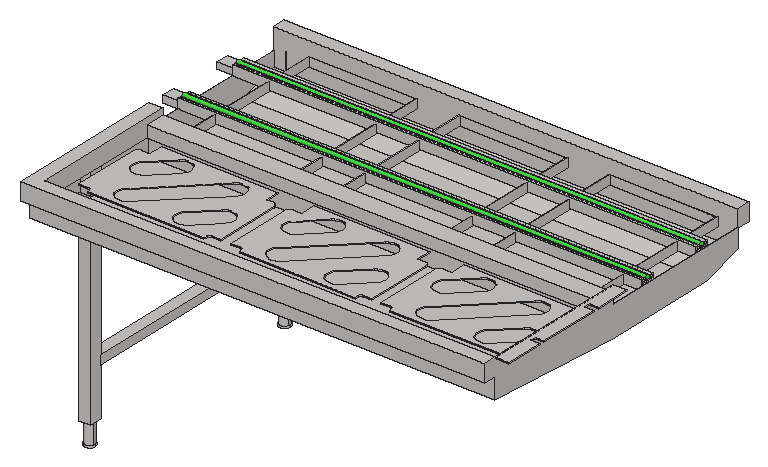
Revit family "QF_ELECTROLUXPROFESSIONAL_865476_HSASPT3RL", category Specialty Equipment, Revit 2018
Family settings
  Round Connector Dimension = Use Diameter
  Part Type = Normal
  Work Plane-Based = No
  Always vertical = Yes
  Cut with Voids When Loaded = No
  Shared = No
  Room Calculation Point = No
Parameters (values of type "Standard")
  Weight = 55.00 kg
  Watts = 0 W
  Volts = 0 V
  URL Manufacturer = "http://professional.electrolux.com"
  URL = "http://professional.electrolux.com"
  Steam Supply Size = 0 mm
  Steam Supply Minimum Pressure = 0.0 Pa
  Steam Supply Maximum Pressure = 0.0 Pa
  Steam Pounds per Hour = 0
  Refrigeration Suction Line Size = 0 mm
  Refrigeration Liquid Line Size = 0 mm
  Refrigerant Compressor Remote = yes
  Manufacturer = "Electrolux Professional"
  Phase = 0
  Model = "HSASPT3RL"
  Length Actual = 1620 mm  # constant formula
  Item Number = "865476"
  Hot Water Size = 0 mm
  Height Actual = 910 mm  # constant formula
  HP = "0 HP"
  Gas Size = 0 mm
  Gas KW = 0
  Gas Input Pressure = 0 W
  Description = "AUTOMATIC SORTING TABLE, PASS-THROUGH 3 BASKETS, RIGHT>LEFT, 1620 MM "
  Depth Actual = 1110 mm  # constant formula
  Cycle = 0 Hz
  Condensate Return Size = 0 mm
  Compressed Air Volume = 0.0 L/s
  Compressed Air Size = 0 mm
  Compressed Air Pressure = 0.0 Pa
  Cold Water Size = 0 mm
  Accessory = yes
Reference planes
  plane 1: z = 0
  plane 2: z = 910
  plane 3: z = 0
  plane 4: z = 270
  plane 5 "RIGHT": x = -1318
  plane 6 "BACK": y = 310
  plane 7 "FRONT": y = -810
  plane 8 "LEFT": x = 258.3
  plane 9 "Center": y = 0
  plane 10: x = -508
  plane 11: y = 0
  plane 12: y = 94.393
  plane 13: y = 134.393
  plane 14: x = -1411.833
  plane 15: x = 305
  plane 16: x = -1271.7
Forms (mm)
  Extrusion 1, solid, material "QF_Finishes_Stainless Steel"
    sketch origin (-1059.7, 0, 0) x (1, 0, 0) y (0, 1, 0)
      loop
        line (1318, -810) -> (1318, -765) -> (-212, -765) -> (-212, -265) -> (-258.3, -265) -> (-258.3, -810) -> (1318, -810)
      loop
        line (1318, 265) -> (1318, 310) -> (-258.3, 310) -> (-258.3, 265) -> (1318, 265)
    from 850.091 to 910
  Extrusion 2, solid, material "QF_Finishes_Stainless Steel"
    sketch origin (-1059.7, 0, 0) x (0, 1, 0) y (0, 0, 1)
      loop
        line (-267.466, 747.061) -> (134.393, 747.061) -> (266.249, 785.091) -> (266.249, 850.091) -> (265, 850.091) -> (265, 787.853) -> (133.969, 750.061) -> (-265, 750.061) -> (-265, 850.091) -> (-267.466, 850.091) -> (-267.466, 747.061)
    from -257.022 to 1318
  Revolve 3, solid, material "QF_Finishes_Stainless Steel"
    sketch origin (-508, 0.526, -114.277) x (1, 0, 0) y (0, 0, 1)
      loop
        line (76.494, 861.337) -> (0, 861.337) -> (0, 697.377) -> (21.946, 697.377) -> (23.47, 698.838) -> (23.47, 734.749) -> (37.25, 740.749) -> (37.25, 742.336) -> (38.457, 743.987) -> (38.457, 746.476)
        arc (38.457, 746.476) -> (65.844, 763.962) -> (76.494, 794.661) r 49.516
        line (76.494, 794.661) -> (76.494, 834.985)
        arc (76.494, 834.985) -> (75.887, 836.598) -> (74.377, 837.43) r 2.49
        arc (74.377, 837.43) -> (71.083, 841.301) -> (74.39, 845.16) r 3.913
        arc (74.39, 845.16) -> (75.89, 845.987) -> (76.494, 847.59) r 2.474
        line (76.494, 847.59) -> (76.494, 861.337)
      axis (0, 861.337) -> (0, 697.377)
    angle from 0 to 360
  Extrusion 4, solid, material "QF_Finishes_Stainless Steel"
    sketch origin (-1059.7, 0, 0) x (1, 0, 0) y (0, 1, 0)
      loop
        line (-212, -330.124) -> (1316, -330.124) -> (1316, -265) -> (-212, -265) -> (-212, -330.124)
    from 850.091 to 888.506
  Extrusion 5, solid, material "QF_Finishes_Stainless Steel"
    sketch origin (-1318, 0, 0) x (0, 1, 0) y (0, 0, -1)
      loop
        line (134.393, -747.061) -> (-267.466, -747.061) -> (-267.466, -836.936) -> (265, -836.936) -> (265, -850.091) -> (266.249, -850.091) -> (266.249, -785.091) -> (134.393, -747.061)
    from 0 to -2
  Extrusion 6, solid, material "QF_Finishes_Stainless Steel"
    sketch origin (6.278, 0.054, -628.981) x (-1, 0, 0) y (0, -1, 0)
      loop
        line (1283, -266.195) -> (1323, -266.195) -> (1323, 521.792) -> (1283, 521.792) -> (1283, -266.195)
    from 869.081 to 898.981
  Extrusion 7, solid, material "QF_Finishes_Stainless Steel"
    sketch origin (258.3, 0, 0) x (0, 1, 0) y (0, 0, 1)
      loop
        line (134.393, 747.061) -> (266.249, 785.091) -> (266.249, 850.091) -> (265, 850.091) -> (-265, 850.091) -> (-265, 747.061) -> (134.393, 747.061)
    from 0 to -2
  Extrusion 8, solid, material "QF_Finishes_Stainless Steel"
    sketch origin (-1318, 0, 0) x (0, 1, 0) y (0, 0, -1)
      loop
        line (94.393, -836.936) -> (92.393, -836.936) -> (92.393, -858.936) -> (136.393, -858.936) -> (136.393, -836.936) -> (134.393, -836.936) -> (134.393, -856.936) -> (94.393, -856.936) -> (94.393, -836.936)
    from -1574.3 to 53.111
  Extrusion 9, solid, material "QF_Finishes_Stainless Steel"
    sketch origin (-1318, 0, 0) x (0, 1, 0) y (0, 0, -1)
      loop
        line (92.393, -836.936) -> (90.393, -836.936) -> (90.393, -868.936) -> (103.221, -868.936) -> (111.221, -860.936) -> (117.565, -860.936) -> (125.565, -868.936) -> (138.393, -868.936) -> (138.393, -836.936) -> (136.393, -836.936) -> (136.393, -866.936) -> (126.393, -866.936) -> (118.393, -858.936) -> (110.393, -858.936) -> (102.393, -866.936) -> (92.393, -866.936) -> (92.393, -836.936)
    from -1574.3 to 0
  Extrusion 10, solid, material "QF_Finishes_Stainless Steel"
    sketch origin (-1318, -230, 0) x (0, 1, 0) y (0, 0, -1)
      loop
        line (94.393, -836.936) -> (92.393, -836.936) -> (92.393, -858.936) -> (136.393, -858.936) -> (136.393, -836.936) -> (134.393, -836.936) -> (134.393, -856.936) -> (94.393, -856.936) -> (94.393, -836.936)
    from -1574.3 to 53.111
  Extrusion 11, solid, material "QF_Finishes_Stainless Steel"
    sketch origin (-1318, -230, 0) x (0, 1, 0) y (0, 0, -1)
      loop
        line (92.393, -836.936) -> (90.393, -836.936) -> (90.393, -868.936) -> (103.221, -868.936) -> (111.221, -860.936) -> (117.565, -860.936) -> (125.565, -868.936) -> (138.393, -868.936) -> (138.393, -836.936) -> (136.393, -836.936) -> (136.393, -866.936) -> (126.393, -866.936) -> (118.393, -858.936) -> (110.393, -858.936) -> (102.393, -866.936) -> (92.393, -866.936) -> (92.393, -836.936)
    from -1574.3 to 0
  Sweep 12, solid, material "QF_Finishes_Green"
    path origin (-1360.722, -109.42, 875.352) x (0, 0.0016, 0.999999) y (-1, 0, 0)
      loop
        line (-6.295, -42.722) -> (-6.295, -1617.022)
    profile origin (-530.85, -109.431, 869.057) x (0, 0.0016, 0.999999) y (0, -0.999999, 0.0016)
      loop
        circle (-1.513, 6.483) r 6.399
  Sweep 13, solid, material "QF_Finishes_Green"
    path origin (-1360.722, 120.58, 875.352) x (0, 0.0016, 0.999999) y (-1, 0, 0)
      loop
        line (-6.295, -42.722) -> (-6.295, -1617.022)
    profile origin (-530.85, 120.569, 869.057) x (0, 0.0016, 0.999999) y (0, -0.999999, 0.0016)
      loop
        circle (-1.513, 6.483) r 6.399
  Extrusion 14, solid, material "QF_Finishes_Stainless Steel"
    sketch origin (-1014.7, 0, 0) x (-1, 0, 0) y (0, -1, 0)
      loop
        line (-662.58, 265) -> (-694.789, 265) -> (-694.789, -265) -> (-327.015, -265) -> (-327.015, 265) -> (-359.388, 265) -> (-359.388, 262) -> (-330.015, 262) -> (-330.015, -262) -> (-691.789, -262) -> (-691.789, 262) -> (-662.58, 262) -> (-662.58, 265)
    from 831.234 to 860.936
  Extrusion 15, solid, material "QF_Finishes_Stainless Steel"
    sketch origin (-1524.7, 0, 0) x (-1, 0, 0) y (0, -1, 0)
      loop
        line (-662.58, 265) -> (-694.789, 265) -> (-694.789, -265) -> (-327.015, -265) -> (-327.015, 265) -> (-359.388, 265) -> (-359.388, 262) -> (-330.015, 262) -> (-330.015, -262) -> (-691.789, -262) -> (-691.789, 262) -> (-662.58, 262) -> (-662.58, 265)
    from 831.234 to 860.936
  Extrusion 16, solid, material "QF_Finishes_Stainless Steel"
    sketch origin (-1318, 0, 0) x (0, 1, 0) y (0, 0, -1)
      loop
        line (-767.81, -850.091) -> (-765, -850.091) -> (-765, -784.859) -> (-270.466, -750.278) -> (-270.466, -850.091) -> (-267.466, -850.091) -> (-267.466, -747.061) -> (-767.81, -782.048) -> (-767.81, -850.091)
    from -1576.3 to -2
  Extrusion 17, solid, material "QF_Finishes_Stainless Steel"
    sketch origin (300.322, 0, 0) x (0, 1, 0) y (0, 0, 1)
      loop
        line (-767.81, 907) -> (-767.81, 782.048) -> (-265, 746.888) -> (-265, 907) -> (-767.81, 907)
    from -42.022 to -44.022
  Extrusion 18, solid, material "QF_Finishes_Stainless Steel"
    sketch origin (-1014.075, 0, 842.5) x (-1, 0, 0) y (0, -1, 0)
      loop
        line (-1220.383, 339.221) -> (-825.383, 339.221) -> (-825.383, 389.221) -> (-795.383, 389.221)
        arc (-795.383, 389.221) -> (-784.776, 393.614) -> (-780.383, 404.221) r 15
        line (-780.383, 404.221) -> (-780.383, 634.221) -> (-810.383, 634.221)
        arc (-810.383, 634.221) -> (-820.989, 638.614) -> (-825.383, 649.221) r 15
        line (-825.383, 649.221) -> (-825.383, 654.221) -> (-1220.383, 654.221) -> (-1220.383, 644.221)
        arc (-1220.383, 644.221) -> (-1223.312, 637.149) -> (-1230.383, 634.221) r 10
        line (-1230.383, 634.221) -> (-1260.383, 634.221) -> (-1260.383, 409.221)
        arc (-1260.383, 409.221) -> (-1254.525, 395.078) -> (-1240.383, 389.221) r 20
        line (-1240.383, 389.221) -> (-1220.383, 389.221) -> (-1220.383, 339.221)
      loop
        arc (-1214.7, 558.44) -> (-1214.7, 505.407) -> (-1161.667, 505.407) r 37.5
        line (-1161.667, 505.407) -> (-1085.887, 581.188)
        arc (-1085.887, 581.188) -> (-1092.336, 627.771) -> (-1138.92, 634.221) r 38.966
        line (-1138.92, 634.221) -> (-1214.7, 558.44)
      loop
        arc (-1146.92, 425.368) -> (-1146.92, 372.335) -> (-1093.887, 372.335) r 37.5
        line (-1093.887, 372.335) -> (-883.322, 582.9)
        arc (-883.322, 582.9) -> (-895.135, 629.379) -> (-943.092, 629.196) r 38.966
        line (-943.092, 629.196) -> (-1146.92, 425.368)
      loop
        arc (-956.718, 418.538) -> (-956.718, 365.505) -> (-903.685, 365.505) r 37.5
        line (-903.685, 365.505) -> (-827.905, 441.286)
        arc (-827.905, 441.286) -> (-834.354, 487.869) -> (-880.938, 494.319) r 38.966
        line (-880.938, 494.319) -> (-956.718, 418.538)
    from 0 to 3
  Extrusion 19, solid, material "QF_Finishes_Stainless Steel"
    sketch origin (-1524.075, 0, 842.5) x (-1, 0, 0) y (0, -1, 0)
      loop
        line (-1220.383, 339.221) -> (-825.383, 339.221) -> (-825.383, 389.221) -> (-795.383, 389.221)
        arc (-795.383, 389.221) -> (-784.776, 393.614) -> (-780.383, 404.221) r 15
        line (-780.383, 404.221) -> (-780.383, 634.221) -> (-810.383, 634.221)
        arc (-810.383, 634.221) -> (-820.989, 638.614) -> (-825.383, 649.221) r 15
        line (-825.383, 649.221) -> (-825.383, 654.221) -> (-1220.383, 654.221) -> (-1220.383, 644.221)
        arc (-1220.383, 644.221) -> (-1223.312, 637.149) -> (-1230.383, 634.221) r 10
        line (-1230.383, 634.221) -> (-1260.383, 634.221) -> (-1260.383, 409.221)
        arc (-1260.383, 409.221) -> (-1254.525, 395.078) -> (-1240.383, 389.221) r 20
        line (-1240.383, 389.221) -> (-1220.383, 389.221) -> (-1220.383, 339.221)
      loop
        arc (-1214.7, 558.44) -> (-1214.7, 505.407) -> (-1161.667, 505.407) r 37.5
        line (-1161.667, 505.407) -> (-1085.887, 581.188)
        arc (-1085.887, 581.188) -> (-1092.336, 627.771) -> (-1138.92, 634.221) r 38.966
        line (-1138.92, 634.221) -> (-1214.7, 558.44)
      loop
        arc (-1146.92, 425.368) -> (-1146.92, 372.335) -> (-1093.887, 372.335) r 37.5
        line (-1093.887, 372.335) -> (-883.322, 582.9)
        arc (-883.322, 582.9) -> (-895.135, 629.379) -> (-943.092, 629.196) r 38.966
        line (-943.092, 629.196) -> (-1146.92, 425.368)
      loop
        arc (-956.718, 418.538) -> (-956.718, 365.505) -> (-903.685, 365.505) r 37.5
        line (-903.685, 365.505) -> (-827.905, 441.286)
        arc (-827.905, 441.286) -> (-834.354, 487.869) -> (-880.938, 494.319) r 38.966
        line (-880.938, 494.319) -> (-956.718, 418.538)
    from 0 to 3
  Extrusion 20, solid, material "QF_Finishes_Stainless Steel"
    sketch origin (-2039.075, 0, 842.5) x (-1, 0, 0) y (0, -1, 0)
      loop
        line (-1220.383, 339.221) -> (-825.383, 339.221) -> (-825.383, 389.221) -> (-795.383, 389.221)
        arc (-795.383, 389.221) -> (-784.776, 393.614) -> (-780.383, 404.221) r 15
        line (-780.383, 404.221) -> (-780.383, 634.221) -> (-810.383, 634.221)
        arc (-810.383, 634.221) -> (-820.989, 638.614) -> (-825.383, 649.221) r 15
        line (-825.383, 649.221) -> (-825.383, 654.221) -> (-1220.383, 654.221) -> (-1220.383, 644.221)
        arc (-1220.383, 644.221) -> (-1223.312, 637.149) -> (-1230.383, 634.221) r 10
        line (-1230.383, 634.221) -> (-1260.383, 634.221) -> (-1260.383, 409.221)
        arc (-1260.383, 409.221) -> (-1254.525, 395.078) -> (-1240.383, 389.221) r 20
        line (-1240.383, 389.221) -> (-1220.383, 389.221) -> (-1220.383, 339.221)
      loop
        arc (-1214.7, 558.44) -> (-1214.7, 505.407) -> (-1161.667, 505.407) r 37.5
        line (-1161.667, 505.407) -> (-1085.887, 581.188)
        arc (-1085.887, 581.188) -> (-1092.336, 627.771) -> (-1138.92, 634.221) r 38.966
        line (-1138.92, 634.221) -> (-1214.7, 558.44)
      loop
        arc (-1146.92, 425.368) -> (-1146.92, 372.335) -> (-1093.887, 372.335) r 37.5
        line (-1093.887, 372.335) -> (-883.322, 582.9)
        arc (-883.322, 582.9) -> (-895.135, 629.379) -> (-943.092, 629.196) r 38.966
        line (-943.092, 629.196) -> (-1146.92, 425.368)
      loop
        arc (-956.718, 418.538) -> (-956.718, 365.505) -> (-903.685, 365.505) r 37.5
        line (-903.685, 365.505) -> (-827.905, 441.286)
        arc (-827.905, 441.286) -> (-834.354, 487.869) -> (-880.938, 494.319) r 38.966
        line (-880.938, 494.319) -> (-956.718, 418.538)
    from 0 to 3
  Extrusion 21, solid, material "QF_Finishes_Stainless Steel"
    sketch origin (-504.7, 0, 0) x (-1, 0, 0) y (0, -1, 0)
      loop
        line (-662.58, 265) -> (-694.789, 265) -> (-694.789, -265) -> (-327.015, -265) -> (-327.015, 265) -> (-359.388, 265) -> (-359.388, 262) -> (-330.015, 262) -> (-330.015, -262) -> (-691.789, -262) -> (-691.789, 262) -> (-662.58, 262) -> (-662.58, 265)
    from 831.234 to 860.936
  Extrusion 22, solid, material "QF_Finishes_Stainless Steel"
    sketch origin (-39.7, -500, 907) x (1, 0, 0) y (0, 1, 0)
      loop
        line (298, -265) -> (344.7, -265) -> (344.7, -135) -> (315, -135) -> (315, -115) -> (344.7, -115) -> (344.7, 94.876) -> (315, 94.876) -> (315, 114.876) -> (344.7, 114.876) -> (344.7, 235) -> (298, 235) -> (298, -265)
    from 0 to 3
  Extrusion 23, solid, material "QF_Finishes_Stainless Steel"
    sketch origin (-1358, 0, 0) x (0, 1, 0) y (0, 0, -1)
      loop
        line (-767.81, -850.091) -> (-267.466, -850.091) -> (-267.466, -747.061) -> (-767.81, -782.048) -> (-767.81, -850.091)
    from -40 to -42
  Extrusion 24, solid, material "QF_Finishes_Stainless Steel"
    sketch origin (-1014.7, 0, 0) x (-1, 0, 0) y (0, -1, 0)
      loop
        line (-662.58, 265) -> (-694.789, 265) -> (-694.789, -265) -> (-327.015, -265) -> (-327.015, 265) -> (-359.388, 265) -> (-359.388, 262) -> (-330.015, 262) -> (-330.015, -262) -> (-691.789, -262) -> (-691.789, 262) -> (-662.58, 262) -> (-662.58, 265)
    from 831.234 to 860.936
  Extrusion 25, solid, material "QF_Finishes_Stainless Steel"
    sketch origin (-1524.7, 0, 0) x (-1, 0, 0) y (0, -1, 0)
      loop
        line (-662.58, 265) -> (-694.789, 265) -> (-694.789, -265) -> (-327.015, -265) -> (-327.015, 265) -> (-359.388, 265) -> (-359.388, 262) -> (-330.015, 262) -> (-330.015, -262) -> (-691.789, -262) -> (-691.789, 262) -> (-662.58, 262) -> (-662.58, 265)
    from 831.234 to 860.936
Cuts and joins
  joined: Extrusion 1, Extrusion 2, Extrusion 4, Extrusion 5, Extrusion 7, Extrusion 16, Extrusion 17, Extrusion 23
Lines and regions (mm)
  Split face 1
    outline origin (173.596, 161.279, 750.061) x (-1, 0, 0) y (0, -1, 0)
      loop
        circle (681.592, 161.279) r 76.496
  Split face 2
    outline origin (173.596, 161.279, 750.061) x (-1, 0, 0) y (0, -1, 0)
      loop
        circle (681.592, 161.279) r 56.496
  Split face 3
    outline origin (173.596, 161.279, 750.061) x (-1, 0, 0) y (0, -1, 0)
      loop
        circle (681.592, 161.279) r 36.496
  Split face 4
    outline origin (173.596, 161.279, 750.061) x (-1, 0, 0) y (0, -1, 0)
      loop
        circle (681.592, 161.279) r 16.496
  symbolic lines
    curve 1: line (258.3, 310, 0) -> (-1318, 310, 0)
    curve 2: line (258.3, 265, 0) -> (258.3, 310, 0)
    curve 3: line (-1318, 265, 0) -> (258.3, 265, 0)
    curve 4: line (-1318, 310, 0) -> (-1318, 265, 0)
    curve 5: line (258.3, 265, 0) -> (258.3, -265, 0)
    curve 6: line (258.3, -265, 0) -> (305, -265, 0)
    curve 7: line (305, -265, 0) -> (305, -385.124, 0)
    curve 8: line (305, -385.124, 0) -> (275.3, -385.124, 0)
    curve 9: line (275.3, -385.124, 0) -> (275.3, -405.124, 0)
    curve 10: line (275.3, -405.124, 0) -> (305, -405.124, 0)
    curve 11: line (305, -405.124, 0) -> (305, -615, 0)
    curve 12: line (305, -615, 0) -> (275.3, -615, 0)
    curve 13: line (275.3, -615, 0) -> (275.3, -635, 0)
    curve 14: line (275.3, -635, 0) -> (305, -635, 0)
    curve 15: line (305, -635, 0) -> (305, -765, 0)
    curve 16: line (305, -765, 0) -> (258.3, -765, 0)
    curve 17: line (258.3, -765, 0) -> (258.3, -810, 0)
    curve 18: line (258.3, -810, 0) -> (-1318, -810, 0)
    curve 19: line (-1318, -810, 0) -> (-1318, -265, 0)
    curve 20: line (-1318, -265, 0) -> (-1271.7, -265, 0)
    curve 21: line (-1271.7, -265, 0) -> (-1271.7, -765, 0)
    curve 22: line (-1271.7, -765, 0) -> (258.3, -765, 0)
    curve 23: line (258.3, -765, 0) -> (258.3, -265, 0)
    curve 24: line (258.3, -265, 0) -> (-1271.7, -265, 0)
    curve 25: line (-1271.7, -330.124, 0) -> (258.3, -330.124, 0)
    curve 26: line (-1318, 138.393, 0) -> (258.3, 138.393, 0)
    curve 27: line (258.3, 125.565, 0) -> (-1318, 125.565, 0)
    curve 28: line (258.3, 90.393, 0) -> (-1318, 90.393, 0)
    curve 29: line (258.3, 103.221, 0) -> (-1318, 103.221, 0)
    curve 30: line (-1318, -91.607, 0) -> (258.3, -91.607, 0)
    curve 31: line (258.3, -139.607, 0) -> (-1318, -139.607, 0)
    curve 32: line (258.3, -126.779, 0) -> (-1318, -126.779, 0)
    curve 33: line (258.3, -104.435, 0) -> (-1318, -104.435, 0)
    curve 34: arc (-584.492, 0, 0) -> (-507.996, -76.496, 0) -> (-431.5, 0, 0) r 76.496
    curve 35: arc (-431.5, 0, 0) -> (-507.996, 76.496, 0) -> (-584.492, 0, 0) r 76.496
    curve 36: arc (-564.492, 0, 0) -> (-507.996, 56.496, 0) -> (-451.5, 0, 0) r 56.496
    curve 37: arc (-451.5, 0, 0) -> (-507.996, -56.496, 0) -> (-564.492, 0, 0) r 56.496
    curve 38: arc (-471.5, 0, 0) -> (-507.996, -36.496, 0) -> (-544.492, 0, 0) r 36.496
    curve 39: arc (-544.492, 0, 0) -> (-507.996, 36.496, 0) -> (-471.5, 0, 0) r 36.496
    curve 40: arc (-491.5, 0, 0) -> (-507.996, -16.496, 0) -> (-524.492, 0, 0) r 16.496
    curve 41: arc (-524.492, 0, 0) -> (-507.996, 16.496, 0) -> (-491.5, 0, 0) r 16.496
    curve 42: line (206.308, -339.221, 0) -> (206.308, -389.221, 0)
    curve 43: line (206.308, -389.221, 0) -> (226.308, -389.221, 0)
    curve 44: arc (226.308, -389.221, 0) -> (240.45, -395.078, 0) -> (246.308, -409.221, 0) r 20
    curve 45: line (246.308, -409.221, 0) -> (246.308, -634.221, 0)
    curve 46: line (246.308, -634.221, 0) -> (216.308, -634.221, 0)
    curve 47: arc (216.308, -634.221, 0) -> (209.237, -637.149, 0) -> (206.308, -644.221, 0) r 10
    curve 48: line (206.308, -644.221, 0) -> (206.308, -654.221, 0)
    curve 49: line (206.308, -654.221, 0) -> (-188.692, -654.221, 0)
    curve 50: line (-188.692, -654.221, 0) -> (-188.692, -649.221, 0)
    curve 51: arc (-188.692, -649.221, 0) -> (-193.086, -638.614, 0) -> (-203.692, -634.221, 0) r 15
    curve 52: line (-203.692, -634.221, 0) -> (-233.692, -634.221, 0)
    curve 53: line (-233.692, -634.221, 0) -> (-233.692, -404.221, 0)
    curve 54: arc (-233.692, -404.221, 0) -> (-229.299, -393.614, 0) -> (-218.692, -389.221, 0) r 15
    curve 55: line (-218.692, -389.221, 0) -> (-188.692, -389.221, 0)
    curve 56: line (-188.692, -389.221, 0) -> (-188.692, -339.221, 0)
    curve 57: line (-188.692, -339.221, 0) -> (206.308, -339.221, 0)
    curve 58: line (-303.692, -339.221, 0) -> (-303.692, -389.221, 0)
    curve 59: line (-303.692, -389.221, 0) -> (-283.692, -389.221, 0)
    curve 60: arc (-283.692, -389.221, 0) -> (-269.55, -395.078, 0) -> (-263.692, -409.221, 0) r 20
    curve 61: line (-263.692, -409.221, 0) -> (-263.692, -634.221, 0)
    curve 62: line (-263.692, -634.221, 0) -> (-293.692, -634.221, 0)
    curve 63: arc (-293.692, -634.221, 0) -> (-300.763, -637.149, 0) -> (-303.692, -644.221, 0) r 10
    curve 64: line (-303.692, -644.221, 0) -> (-303.692, -654.221, 0)
    curve 65: line (-303.692, -654.221, 0) -> (-698.692, -654.221, 0)
    curve 66: line (-698.692, -654.221, 0) -> (-698.692, -649.221, 0)
    curve 67: arc (-698.692, -649.221, 0) -> (-703.086, -638.614, 0) -> (-713.692, -634.221, 0) r 15
    curve 68: line (-713.692, -634.221, 0) -> (-743.692, -634.221, 0)
    curve 69: line (-743.692, -634.221, 0) -> (-743.692, -404.221, 0)
    curve 70: arc (-743.692, -404.221, 0) -> (-739.299, -393.614, 0) -> (-728.692, -389.221, 0) r 15
    curve 71: line (-728.692, -389.221, 0) -> (-698.692, -389.221, 0)
    curve 72: line (-698.692, -389.221, 0) -> (-698.692, -339.221, 0)
    curve 73: line (-698.692, -339.221, 0) -> (-303.692, -339.221, 0)
    curve 74: line (-818.692, -339.221, 0) -> (-818.692, -389.221, 0)
    curve 75: line (-818.692, -389.221, 0) -> (-798.692, -389.221, 0)
    curve 76: arc (-798.692, -389.221, 0) -> (-784.55, -395.078, 0) -> (-778.692, -409.221, 0) r 20
    curve 77: line (-778.692, -409.221, 0) -> (-778.692, -634.221, 0)
    curve 78: line (-778.692, -634.221, 0) -> (-808.692, -634.221, 0)
    curve 79: arc (-808.692, -634.221, 0) -> (-815.763, -637.149, 0) -> (-818.692, -644.221, 0) r 10
    curve 80: line (-818.692, -644.221, 0) -> (-818.692, -654.221, 0)
    curve 81: line (-818.692, -654.221, 0) -> (-1213.692, -654.221, 0)
    curve 82: line (-1213.692, -654.221, 0) -> (-1213.692, -649.221, 0)
    curve 83: arc (-1213.692, -649.221, 0) -> (-1218.086, -638.614, 0) -> (-1228.692, -634.221, 0) r 15
    curve 84: line (-1228.692, -634.221, 0) -> (-1258.692, -634.221, 0)
    curve 85: line (-1258.692, -634.221, 0) -> (-1258.692, -404.221, 0)
    curve 86: arc (-1258.692, -404.221, 0) -> (-1254.299, -393.614, 0) -> (-1243.692, -389.221, 0) r 15
    curve 87: line (-1243.692, -389.221, 0) -> (-1213.692, -389.221, 0)
    curve 88: line (-1213.692, -389.221, 0) -> (-1213.692, -339.221, 0)
    curve 89: line (-1213.692, -339.221, 0) -> (-818.692, -339.221, 0)
    curve 90: line (-1095.983, -629.196, 0) -> (-892.155, -425.368, 0)
    curve 91: arc (-892.155, -425.368, 0) -> (-892.155, -372.335, 0) -> (-945.188, -372.335, 0) r 37.5
    curve 92: line (-945.188, -372.335, 0) -> (-1155.753, -582.9, 0)
    curve 93: arc (-1155.753, -582.9, 0) -> (-1143.94, -629.379, 0) -> (-1095.983, -629.196, 0) r 38.966
    curve 94: arc (-824.375, -558.44, 0) -> (-824.375, -505.407, 0) -> (-877.408, -505.407, 0) r 37.5
    curve 95: line (-877.408, -505.407, 0) -> (-953.188, -581.188, 0)
    curve 96: arc (-953.188, -581.188, 0) -> (-946.739, -627.771, 0) -> (-900.155, -634.221, 0) r 38.966
    curve 97: line (-900.155, -634.221, 0) -> (-824.375, -558.44, 0)
    curve 98: line (-1158.137, -494.319, 0) -> (-1082.357, -418.538, 0)
    curve 99: arc (-1082.357, -418.538, 0) -> (-1082.357, -365.505, 0) -> (-1135.39, -365.505, 0) r 37.5
    curve 100: line (-1135.39, -365.505, 0) -> (-1211.17, -441.286, 0)
    curve 101: arc (-1211.17, -441.286, 0) -> (-1204.721, -487.869, 0) -> (-1158.137, -494.319, 0) r 38.966
    curve 102: line (-643.137, -494.319, 0) -> (-567.357, -418.538, 0)
    curve 103: arc (-567.357, -418.538, 0) -> (-567.357, -365.505, 0) -> (-620.39, -365.505, 0) r 37.5
    curve 104: line (-620.39, -365.505, 0) -> (-696.17, -441.286, 0)
    curve 105: arc (-696.17, -441.286, 0) -> (-689.721, -487.869, 0) -> (-643.137, -494.319, 0) r 38.966
    curve 106: line (-430.188, -372.335, 0) -> (-640.753, -582.9, 0)
    curve 107: arc (-640.753, -582.9, 0) -> (-628.94, -629.379, 0) -> (-580.983, -629.196, 0) r 38.966
    curve 108: line (-580.983, -629.196, 0) -> (-377.155, -425.368, 0)
    curve 109: arc (-377.155, -425.368, 0) -> (-377.155, -372.335, 0) -> (-430.188, -372.335, 0) r 37.5
    curve 110: line (-362.408, -505.407, 0) -> (-438.188, -581.188, 0)
    curve 111: arc (-438.188, -581.188, 0) -> (-431.739, -627.771, 0) -> (-385.155, -634.221, 0) r 38.966
    curve 112: line (-385.155, -634.221, 0) -> (-309.375, -558.44, 0)
    curve 113: arc (-309.375, -558.44, 0) -> (-309.375, -505.407, 0) -> (-362.408, -505.407, 0) r 37.5
    curve 114: line (-133.137, -494.319, 0) -> (-57.357, -418.538, 0)
    curve 115: arc (-57.357, -418.538, 0) -> (-57.357, -365.505, 0) -> (-110.39, -365.505, 0) r 37.5
    curve 116: line (-110.39, -365.505, 0) -> (-186.17, -441.286, 0)
    curve 117: arc (-186.17, -441.286, 0) -> (-179.721, -487.869, 0) -> (-133.137, -494.319, 0) r 38.966
    curve 118: line (79.812, -372.335, 0) -> (-130.753, -582.9, 0)
    curve 119: arc (-130.753, -582.9, 0) -> (-118.94, -629.379, 0) -> (-70.983, -629.196, 0) r 38.966
    curve 120: line (-70.983, -629.196, 0) -> (132.845, -425.368, 0)
    curve 121: arc (132.845, -425.368, 0) -> (132.845, -372.335, 0) -> (79.812, -372.335, 0) r 37.5
    curve 122: line (147.592, -505.407, 0) -> (71.812, -581.188, 0)
    curve 123: arc (71.812, -581.188, 0) -> (78.261, -627.771, 0) -> (124.845, -634.221, 0) r 38.966
    curve 124: line (124.845, -634.221, 0) -> (200.625, -558.44, 0)
    curve 125: arc (200.625, -558.44, 0) -> (200.625, -505.407, 0) -> (147.592, -505.407, 0) r 37.5
    curve 126: line (157.88, -265, 0) -> (157.88, -262, 0)
    curve 127: line (157.88, -262, 0) -> (187.089, -262, 0)
    curve 128: line (187.089, -262, 0) -> (187.089, -139.607, 0)
    curve 129: line (187.089, -91.607, 0) -> (187.089, 90.393, 0)
    curve 130: line (187.089, 138.393, 0) -> (187.089, 262, 0)
    curve 131: line (187.089, 262, 0) -> (-174.685, 262, 0)
    curve 132: line (-174.685, 262, 0) -> (-174.685, 138.393, 0)
    curve 133: line (-174.685, 90.393, 0) -> (-174.685, -91.607, 0)
    curve 134: line (-174.685, -139.607, 0) -> (-174.685, -262, 0)
    curve 135: line (-174.685, -262, 0) -> (-145.312, -262, 0)
    curve 136: line (-145.312, -262, 0) -> (-145.312, -265, 0)
    curve 137: line (-177.685, -265, 0) -> (-177.685, -139.607, 0)
    curve 138: line (-177.685, -91.607, 0) -> (-177.685, 90.393, 0)
    curve 139: line (-177.685, 138.393, 0) -> (-177.685, 265, 0)
    curve 140: line (190.089, 265, 0) -> (190.089, 138.393, 0)
    curve 141: line (190.089, 90.393, 0) -> (190.089, -91.607, 0)
    curve 142: line (190.089, -139.607, 0) -> (190.089, -265, 0)
    curve 143: line (-352.12, -265, 0) -> (-352.12, -262, 0)
    curve 144: line (-352.12, -262, 0) -> (-322.911, -262, 0)
    curve 145: line (-322.911, -262, 0) -> (-322.911, -139.607, 0)
    curve 146: line (-322.911, -91.607, 0) -> (-322.911, 90.393, 0)
    curve 147: line (-322.911, 138.393, 0) -> (-322.911, 262, 0)
    curve 148: line (-322.911, 262, 0) -> (-684.685, 262, 0)
    curve 149: line (-684.685, 262, 0) -> (-684.685, 138.393, 0)
    curve 150: line (-684.685, 90.393, 0) -> (-684.685, -91.607, 0)
    curve 151: line (-684.685, -139.607, 0) -> (-684.685, -262, 0)
    curve 152: line (-684.685, -262, 0) -> (-655.312, -262, 0)
    curve 153: line (-655.312, -262, 0) -> (-655.312, -265, 0)
    curve 154: line (-687.685, -265, 0) -> (-687.685, -139.607, 0)
    curve 155: line (-687.685, -91.607, 0) -> (-687.685, 90.393, 0)
    curve 156: line (-687.685, 138.393, 0) -> (-687.685, 265, 0)
    curve 157: line (-319.911, 265, 0) -> (-319.911, 138.393, 0)
    curve 158: line (-319.911, 90.393, 0) -> (-319.911, -91.607, 0)
    curve 159: line (-319.911, -139.607, 0) -> (-319.911, -265, 0)
    curve 160: line (-862.12, -265, 0) -> (-862.12, -262, 0)
    curve 161: line (-862.12, -262, 0) -> (-832.911, -262, 0)
    curve 162: line (-832.911, -262, 0) -> (-832.911, -139.607, 0)
    curve 163: line (-832.911, -91.607, 0) -> (-832.911, 90.393, 0)
    curve 164: line (-832.911, 138.393, 0) -> (-832.911, 262, 0)
    curve 165: line (-832.911, 262, 0) -> (-1194.685, 262, 0)
    curve 166: line (-1194.685, 262, 0) -> (-1194.685, 138.393, 0)
    curve 167: line (-1194.685, 90.393, 0) -> (-1194.685, -91.607, 0)
    curve 168: line (-1194.685, -139.607, 0) -> (-1194.685, -262, 0)
    curve 169: line (-1194.685, -262, 0) -> (-1165.312, -262, 0)
    curve 170: line (-1165.312, -262, 0) -> (-1165.312, -265, 0)
    curve 171: line (-1197.685, -265, 0) -> (-1197.685, -139.607, 0)
    curve 172: line (-1197.685, -91.607, 0) -> (-1197.685, 90.393, 0)
    curve 173: line (-1197.685, 138.393, 0) -> (-1197.685, 265, 0)
    curve 174: line (-829.911, 265, 0) -> (-829.911, 138.393, 0)
    curve 175: line (-829.911, 90.393, 0) -> (-829.911, -91.607, 0)
    curve 176: line (-829.911, -139.607, 0) -> (-829.911, -265, 0)
    curve 177: line (-1318, 136.393, 0) -> (-1371.111, 136.393, 0)
    curve 178: line (-1371.111, 136.393, 0) -> (-1371.111, 92.393, 0)
    curve 179: line (-1371.111, 92.393, 0) -> (-1318, 92.393, 0)
    curve 180: line (-1318, -93.607, 0) -> (-1371.111, -93.607, 0)
    curve 181: line (-1371.111, -93.607, 0) -> (-1371.111, -137.607, 0)
    curve 182: line (-1371.111, -137.607, 0) -> (-1318, -137.607, 0)
    curve 183: line (-1318, -122.315, 0) -> (256.3, -122.315, 0)
    curve 184: line (256.3, -109.516, 0) -> (-1318, -109.516, 0)
    curve 185: line (256.3, -122.315, 0) -> (256.3, -109.516, 0)
    curve 186: line (256.3, 120.484, 0) -> (-1318, 120.484, 0)
    curve 187: line (256.3, 107.685, 0) -> (256.3, 120.484, 0)
    curve 188: line (-1318, 107.685, 0) -> (256.3, 107.685, 0)
    curve 189: line (-1318, -265, 0) -> (-1318, 265, 0)
    curve 190: line (-1318, 0, 0) -> (-1288, 0, 0)
    curve 191: line (258.3, 0, 0) -> (228.3, 0, 0)
Dimensions and locks
  plane 2 to level = 910 mm
  plane 2 to plane 4 = 640 mm
  plane 15 to plane 5 "RIGHT" = 1623 mm
  plane 6 "BACK" to plane 7 "FRONT" = 1120 mm
  plane 8 "LEFT" to Extrusion 1 = 1576.3 mm
  plane 8 "LEFT" to plane 16 = 1530 mm
  Extrusion 1 to Extrusion 1 = 1030 mm
  plane 5 "RIGHT" to plane 10 = 810 mm
  plane 11 to plane 6 "BACK" = 310 mm
  Extrusion 17 to Extrusion 1 = 530 mm
  aligned and locked: level to plane 1
Nested families
  nested 1: "Foot_40x40" at (-1296.722, -541.738, 0), type "Foot_40x40"
    with A 850.091 mm
  nested 2: "Foot_40x40" at (-1296.722, 286.249, 0), type "Foot_40x40"
    with A 850.091 mm
Connectors
  piping at (-508, 0.526, 583.1), diameter 40
    settings: on Revolve 3, index 2, connector inside diameter 609.6 mm, connector length 0 mm, flow factor 0, pipe flow 0.0 L/s, pressure drop 0.0 Pa, fitting loss kfactor 0, connector angle 0.00°, fixture units 0, engagement length 0 mm, angle of deflection 0.00°, flow configuration 1, flow direction 2, fitting loss method 0, system type 7, joint type 0, gender type 0, connector reference index -1, connector utility 0, adjustable connector no, is connector primary yes, connector description ""
Definition of nested family "Foot_40x40"
  Parameters
    A [instance] = 850 mm
  Reference planes
    plane 1 "Centro (Fronte/Retro)": y = 0
    plane 2: z = 0
    plane 3 "Centro (Sinistra/Destra)": x = 0
    plane 4: z = 850
  Forms (mm)
    Extrusion 1, solid
      sketch origin (0, 0, 0) x (1, 0, 0) y (0, 1, 0)
        loop
          circle (0, 0) r 18
      from 0 to 5
    Extrusion 2, solid
      sketch origin (0, 0, 5) x (1, 0, 0) y (0, 1, 0)
        loop
          circle (0, 0) r 15
      from 0 to 70
    Extrusion 3, solid
      sketch origin (0, 0, 75) x (1, 0, 0) y (0, 1, 0)
        loop
          line (-20, 20) -> (-20, -20) -> (20, -20) -> (20, 20) -> (-20, 20)
      from 0 to 775
  Dimensions and locks
    "A": plane 4 to plane 2
    aligned and locked: level to plane 2
    aligned and locked: plane 4 to Extrusion 3
    aligned and locked: Extrusion 1 to level
  Automatic sketch dimensions
    plane 1 "Centro (Fronte/Retro)" to Extrusion 1 sketch curve = 0 mm
    Extrusion 1 sketch curve to plane 3 "Centro (Sinistra/Destra)" = 0 mm
    Extrusion 3 sketch curve to Extrusion 3 sketch curve = 40 mm  (x2)
    radius of Extrusion 1 sketch curve = 18 mm
    radius of Extrusion 2 sketch curve to Extrusion 1 = 3 mm
